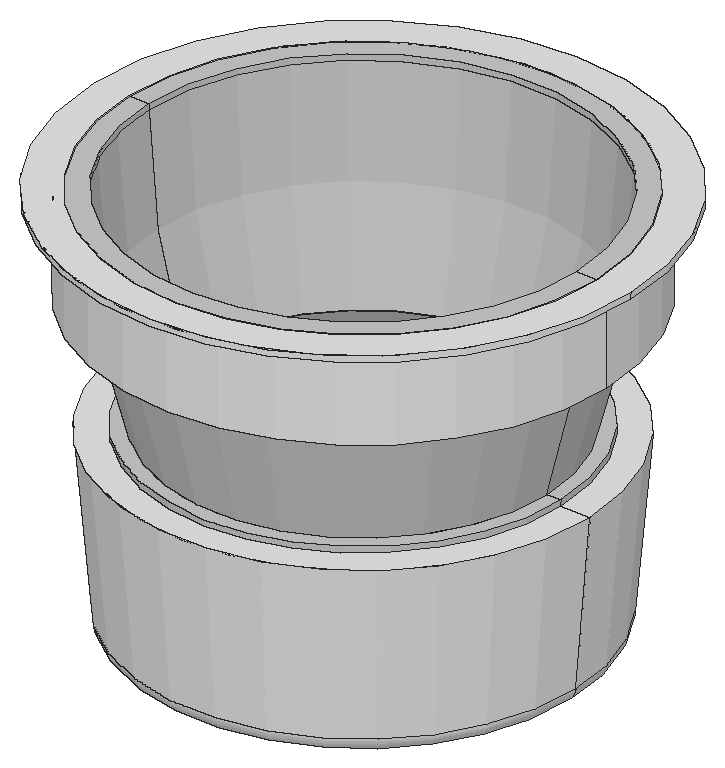
Revit family "2059357 Lighting Fixture_Sylvania_Ascent 150 II Round_Ceiling Recessed", category Lighting Fixtures, host Face, Revit 2017
Family settings
  Host = Face
  Round Connector Dimension = Use Diameter
  Part Type = Normal
  OmniClass Number = 23.80.70.11.17
  OmniClass Title = Specialized Lighting by Location or Use
  Cut with Voids When Loaded = No
  Light Source = Yes
  Shared = No
  Room Calculation Point = No
Parameters (values of type "ASCENT 150 II 2200 3K DALI")
  Upper Body Radius = Radius - 14.5 mm  # 80.0 mm
  Upper Body Material = Metal_Sylvania_Ascent 150 II_Black
  Ring Outer Diameter = Diameter - 17.0 mm  # 172.0 mm
  Ring Inner Diameter = Ring Outer Diameter - 4.0 mm  # 168.0 mm
  Reflector Material = Metal_Sylvania_Ascent 150 II_Polished
  Recessed Depth = 142.0 mm
  Radius = Diameter / 2  # 94.5 mm
  Light Emit  Diameter = Diameter - 38.0 mm  # 151.0 mm
  LOR = "100%"  # constant formula
  Inrush Current (max. quantity per 16A C breaker) = "80"  # constant formula
  Inner Reflector Radius = Inner Radius - 19.5 mm  # 63.0 mm
  Inner Radius = Inner Diameter / 2  # 82.5 mm
  Inner Diameter = Diameter - 24.0 mm  # 165.0 mm
  IP Rating = "IP44"  # constant formula
  IK Rating = "IK02"  # constant formula
  Glow Wire Test = 650 °C  # constant formula
  Energy Class = "A++,A+,A"  # constant formula
  Weight = 1.7 kg
  Wattage = 18.2602 W
  built-in parameter 1150110 = 1 (stored number, unit not read)
  Voltage Comments = "UNV (Universal Voltage; 220-240 Volt)"  # constant formula
  Voltage = 230 V  # constant formula
  URL = "https://www.sylvania-lighting.com"
  built-in parameter 1114217 = 1 (stored number, unit not read)
  Tilt Angle = -90°
  built-in parameter 1150109 = 1 (stored number, unit not read)
  built-in parameter 1150134 = (empty or 0)
  built-in parameter 1150113 = 1 (stored number, unit not read)
  Product Page URL = "https://www.sylvania-lighting.com/product/en-int/products/2059357"
  Product Family = "ASCENT 150 II ROUND"  # constant formula
  Photometry Comments = ""
  Photometric Web File = "2059357_ASCENT150II22003KDALI-206209.ies"
  Life = "50 000 h"  # constant formula
  Emit from Circle Diameter = Light Emit  Diameter  # 151.0 mm
  Emit Shape Visible in Rendering = no
  Emergency duration (h) = "N/A"
  Electrical Protection = "Class II"  # constant formula
  Drive Current = "700mA"  # constant formula
  Distribution type = "Direct"  # constant formula
  Diffuser Material = Glass_Sylvania_Ascent 150 II_Clear_3000K
  Diameter = 189.0 mm
  Cutout Diameter = Diameter - 13.0 mm  # 176.0 mm
  Colour consistency (SDCM) = "3 step"  # constant formula
  built-in parameter 1114216 [instance] = 1 (stored number, unit not read)
  Model = "ASCENT 150 II 2200 3K DALI"
  Manufacturer = "Feilo Sylvania"
  built-in parameter 1150105 = 178.73 (stored number, unit not read)
  Lumens = 2246 lm
  built-in parameter 1150115 = 1 (stored number, unit not read)
  built-in parameter 1150137 = (empty or 0)
  built-in parameter 1150139 = (empty or 0)
  built-in parameter 1150112 = 1 (stored number, unit not read)
  built-in parameter 1150114 = 1 (stored number, unit not read)
  Lamp Comments = "Integrated LED"  # constant formula
  Lamp = "LED"  # constant formula
  built-in parameter 1150132 = 2
  built-in parameter 1150102 = (empty or 0)
  built-in parameter 1150107 = 3000 (stored number, unit not read)
  built-in parameter 1150138 = (empty or 0)
  built-in parameter 1150106 = 1.7873 (stored number, unit not read)
  built-in parameter 1150104 = 11.427 (stored number, unit not read)
  Dimming Lamp Color Temperature Shift = <None>
  Description = "A very high efficient round downlight up to 127lm/W Long life >50,000hrs 4,000K and 3,000K CCT and CRI Ra85 IP44 rated for wet areas and bathrooms UGR <19 version for offices to comply with EN12464-1 Wide selection of decorative accessories"  # constant formula
  Default Elevation = 0.0 mm
  Color Filter = 16777215
  Catalog Number = "2059357 ASCENT 150 II 2200 3K DALI"
  built-in parameter 1140040 [instance] = 1
  CRI (Ra) = ">80"  # constant formula
  built-in parameter 1114218 = 1 (stored number, unit not read)
  built-in parameter 1150133 = 10 (stored number, unit not read)
  Assembly Code = "D5020200"
  Apparent Load Comments = ""
  Apparent Load = 14 VA
  Accessory Material = Aluminum_Sylvania_Ascent 150 II_White
Reference planes
  plane 1 "Center (Front/Back)": y = 0
  plane 2: z = 0
  plane 3 "Center (Left/Right)": x = 0
  plane 4: z = 2
  plane 5: z = -74
  plane 6 "Fixture Top": z = -140
  plane 7: z = -31
  plane 8: z = -72
  plane 9: z = -62.037
Forms (mm)
  Extrusion 1, solid, material "Aluminum_Sylvania_Ascent 150 II_White" <- "Accessory Material", detail levels fine
    sketch origin (0, 0, 0) x (1, 0, 0) y (0, 1, 0)
      loop
        circle (0, 0) r 94.5
      loop
        circle (0, 0) r 82.5
    from 0 to 2
  Extrusion 2, void
    sketch origin (0, 0, 0) x (1, 0, 0) y (0, 1, 0)
      loop
        circle (0, 0) r 88
    from -140 to 2
  Revolve 3, solid, material "Metal_Sylvania_Ascent 150 II_Polished" <- "Reflector Material", detail levels fine
    sketch origin (0, 0, 0) x (1, 0, 0) y (0, 0, 1)
      loop
        line (-82.5, 0) -> (-77.5, 0)
        arc (-77.5, 0) -> (-74.352, -36.539) -> (-65, -72) r 213.61
        line (-65, -72) -> (-70, -72) -> (-70, -74) -> (0, -74) -> (0, -72) -> (-63, -72)
        arc (-63, -72) -> (-72.352, -36.539) -> (-75.5, 0) r 213.61
        line (-75.5, 0) -> (-75.5, 2) -> (-82.5, 2) -> (-82.5, 0)
      axis (0, 2) -> (0, -74)
    angle from 0 to 360
  Extrusion 4, solid, material "Aluminum_Sylvania_Ascent 150 II_White" <- "Accessory Material", detail levels fine
    sketch origin (0, 0, 0) x (1, 0, 0) y (0, 1, 0)
      loop
        circle (0, 0) r 86
      loop
        circle (0, 0) r 84
    from -31 to 0
  Revolve 5, solid, material "Glass_Sylvania_Ascent 150 II_Clear_3000K" <- "Diffuser Material", detail levels fine
    sketch origin (0, 0, 0) x (1, 0, 0) y (0, 0, 1)
      loop
        line (-63, -72) -> (0, -72) -> (0, -62.037)
        arc (0, -62.037) -> (-31.891, -64.543) -> (-63, -72) r 204.163
      axis (0, -62.037) -> (0, -72)
    angle from 0 to 360
  Revolve 6, solid, material "Metal_Sylvania_Ascent 150 II_Black" <- "Upper Body Material", detail levels fine
    sketch origin (0, 0, 0) x (1, 0, 0) y (0, 0, 1)
      loop
        line (0, -74) -> (-80, -74) -> (-75.107, -129.929)
        arc (-75.107, -129.929) -> (-73.452, -133.536) -> (-69.924, -135.353) r 6.079
        arc (-69.924, -135.353) -> (-35.039, -138.837) -> (0, -140) r 528.435
        line (0, -140) -> (0, -74)
      axis (0, -74) -> (0, -140)
    angle from 0 to 360
  Revolve 7, solid, material "Aluminum_Sylvania_Ascent 150 II_White" <- "Accessory Material", detail levels coarse+medium
    sketch origin (0, 0, 0) x (1, 0, 0) y (0, 0, 1)
      loop
        arc (-69.924, -135.353) -> (-35.039, -138.837) -> (0, -140) r 528.435
        line (0, -140) -> (0, 2) -> (-94.5, 2) -> (-94.5, 0) -> (-86, 0) -> (-86, -31)
        arc (-86, -31) -> (-84.493, -52.708) -> (-80, -74) r 157.083
        line (-80, -74) -> (-75.107, -129.929)
        arc (-75.107, -129.929) -> (-73.452, -133.536) -> (-69.924, -135.353) r 6.079
      axis (0, 2) -> (0, -140)
    angle from 0 to 360
Cuts and joins
  joined: Extrusion 1, Extrusion 4
Lines and regions (mm)
  Masking region 1
    outline origin (0, 0, 0) x (1, 0, 0) y (0, 1, 0)
      loop
        circle (0, 0) r 94.5
  symbolic lines, detail levels fine
    curve 1: arc (-75.5, 0, 0) -> (0, 75.5, 0) -> (75.5, 0, 0) r 75.5
    curve 2: arc (75.5, 0, 0) -> (0, -75.5, 0) -> (-75.5, 0, 0) r 75.5
Dimensions and locks
  plane 4 to plane 2 to plane 7 to plane 9 to plane 8 to plane 5 = 2.0 mm locked, 31.0 mm locked, 31.037 mm locked, 9.963 mm locked, 2.0 mm locked
  "Inner Radius": plane 3 "Center (Left/Right)" to Revolve 3 sketch curve
  locked: Revolve 3 sketch curve to Revolve 3 sketch curve at 7
  Revolve 3 sketch curve to Revolve 3 sketch curve to Revolve 3 sketch curve to Revolve 3 sketch curve = 2.0 mm locked, 5.0 mm locked, 12.5 mm locked
  "Inner Reflector Radius": Revolve 5 sketch curve to imposter light
  Revolve 6 sketch curve to Revolve 6 sketch curve to plane 6 "Fixture Top" = 5.424 mm locked, 4.647 mm locked
  "Recessed Depth": plane 4 to plane 6 "Fixture Top"
  "Upper Body Radius": plane 3 "Center (Left/Right)" to Revolve 6 sketch curve
  Revolve 6 sketch curve to Revolve 6 sketch curve to Revolve 6 sketch curve = 4.893 mm locked, 5.183 mm locked
  Revolve 7 sketch curve to Revolve 7 sketch curve to plane 6 "Fixture Top" = 5.424 mm locked, 4.647 mm locked
  Revolve 7 sketch curve to Revolve 7 sketch curve to Revolve 7 sketch curve to Revolve 7 sketch curve to Revolve 7 sketch curve = 8.5 mm locked, 6.0 mm locked, 4.893 mm locked, 5.183 mm locked
  "Radius": plane 3 "Center (Left/Right)" to Revolve 7 sketch curve
  "Diameter": diameter of Extrusion 1 sketch curve
  "Inner Diameter": diameter of Extrusion 1 sketch curve
  "Cutout Diameter": diameter of Extrusion 2 sketch curve
  "Ring Outer Diameter": diameter of Extrusion 4 sketch curve
  "Ring Inner Diameter": diameter of Extrusion 4 sketch curve
  aligned and locked: plane 2 to host face
  aligned and locked: level to host face
  aligned and locked: imposter light to plane 3 "Center (Left/Right)"
  aligned and locked: imposter light to plane 1 "Center (Front/Back)"
  aligned and locked: Extrusion 1 to plane 2
  aligned and locked: plane 4 to Extrusion 1
  aligned and locked: imposter light to plane 4
  aligned and locked: imposter light to Revolve 3 sketch curve
  aligned and locked: Revolve 3 sketch curve to imposter light
  aligned and locked: Revolve 3 sketch curve to plane 2
  aligned and locked: Revolve 3 sketch curve to Revolve 3 sketch curve
  aligned and locked: plane 5 to Revolve 3 sketch curve
  aligned and locked: Extrusion 4 to plane 7
  aligned and locked: Revolve 3 sketch curve to plane 8
  aligned and locked: Revolve 5 sketch curve to plane 8
  aligned and locked: imposter light to Revolve 5 sketch curve  (x2)
  aligned and locked: imposter light to Revolve 6 sketch curve  (x2)
  aligned and locked: plane 5 to Revolve 6 sketch curve
  aligned and locked: plane 6 "Fixture Top" to Revolve 6 sketch curve
  aligned and locked: Revolve 7 sketch curve to plane 2
  aligned and locked: plane 4 to Revolve 7 sketch curve
  aligned and locked: plane 7 to Revolve 7 sketch curve
  aligned and locked: imposter light to Extrusion 2
  aligned and locked: Extrusion 2 to plane 6 "Fixture Top"
  aligned and locked: Masking region 1 sketch curve to Revolve 7  (x2)
  aligned and locked: curve 1 to Revolve 3
  aligned and locked: curve 2 to Revolve 3
Automatic sketch dimensions
  host sketch curve to host sketch curve = 1040.406 mm
  host sketch curve to host sketch curve = 988.385 mm
  Extrusion 1 sketch curve to Extrusion 1 sketch curve = 0.0 mm  (x2)
  plane 1 "Center (Front/Back)" to Extrusion 1 sketch curve = 0.0 mm
  Extrusion 1 sketch curve to plane 3 "Center (Left/Right)" = 0.0 mm
  plane 1 "Center (Front/Back)" to Extrusion 2 sketch curve = 0.0 mm
  Extrusion 2 sketch curve to plane 3 "Center (Left/Right)" = 0.0 mm
  Revolve 3 sketch curve to plane 3 "Center (Left/Right)" = 0.0 mm
  Revolve 3 sketch curve to level = 0.0 mm
  Revolve 3 sketch curve to Revolve 3 sketch curve = 2.0 mm
  Revolve 3 sketch curve to plane 5 = 27.065 mm
  plane 4 to Revolve 3 sketch curve = 16.525 mm
  Extrusion 4 sketch curve to Extrusion 4 sketch curve = 0.0 mm  (x2)
  plane 1 "Center (Front/Back)" to Extrusion 4 sketch curve = 0.0 mm
  Extrusion 4 sketch curve to plane 3 "Center (Left/Right)" = 0.0 mm
  Revolve 5 sketch curve to plane 9 = 0.0 mm
  Revolve 5 sketch curve to plane 5 = 17.158 mm
  Revolve 5 sketch curve to plane 7 = 15.158 mm
  Revolve 6 sketch curve to plane 7 = 0.0 mm
  Revolve 6 sketch curve to Revolve 6 sketch curve = 6.05 mm
  Revolve 6 sketch curve to plane 6 "Fixture Top" = 26.0 mm
  Revolve 7 sketch curve to plane 3 "Center (Left/Right)" = 0.0 mm  (x2)
  Revolve 7 sketch curve to plane 6 "Fixture Top" = 0.0 mm
  Revolve 7 sketch curve to plane 5 = 0.0 mm
  Revolve 7 sketch curve to plane 7 = 0.0 mm
  Revolve 7 sketch curve to Revolve 7 sketch curve = 0.866 mm
  Revolve 7 sketch curve to Revolve 7 sketch curve = 26.0 mm
Connectors
  electrical at (0, 0, -140), driven by "Apparent Load", driven by "Voltage"
    settings: index 1, voltage 230 V, apparent load 0 VA, apparent load phase1 14 VA, apparent load phase2 0 VA, apparent load phase3 0 VA, power factor 1, load classification "Lighting", number of poles 1, system type 31, power factor state 1, is connector primary yes, connector utility no, sub classification motor no, connector description ""
